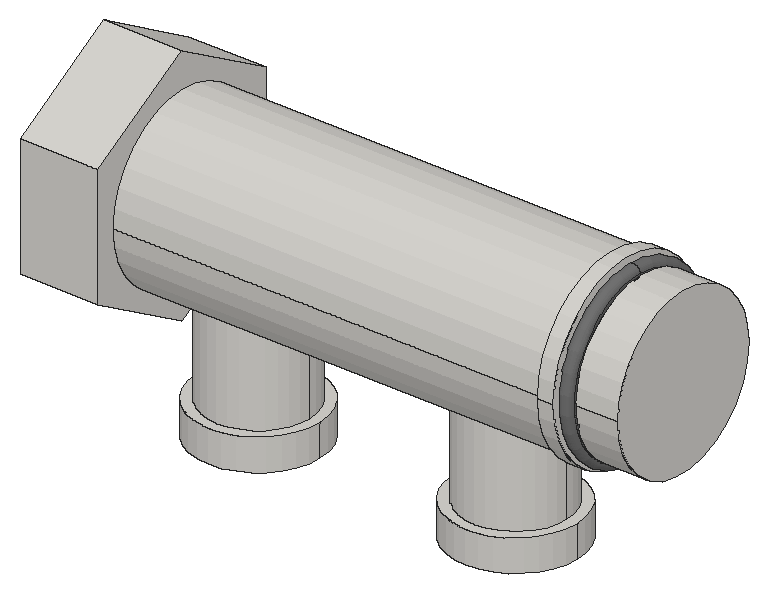
Revit family "1", category Pipe Accessories, Revit 2018
Family settings
  Round Connector Dimension = Use Diameter
  Part Type = Normal
  OmniClass Number = 23.65.00.00
  OmniClass Title = Supply and Distribution of Liquids and Gases
  Work Plane-Based = No
  Always vertical = No
  Cut with Voids When Loaded = No
  Shared = No
Parameters (values of type "1 1/4" x 24 x 19 - 2 ways - INT50")
  Youtube clip = ""
  Weight Net (Kg) = ""
  Uniformat II Description = "PLUMBING"  # constant formula
  Uniformat II Code = "D20"  # constant formula
  Uniclass 2015 Name = "Water distribution and supply systems"  # constant formula
  Uniclass 2015 Code = "Ss_55_70"  # constant formula
  Uniclass 2.0 Description = "Water Distribution And Supply Systems"  # constant formula
  Uniclass 2.0 Code = "SS-55-70"  # constant formula
  Uniclass 1.4 Description = "Piped supply systems"  # constant formula
  Uniclass 1.4 Code = "JS"  # constant formula
  UNSPSC Code = "401416"  # constant formula
  Technical description = ""
  Support Diameter = Body Diameter + 1.8 mm  # 35.6 mm
  URL = "www.pintossi.it"
  Region South America = "AR, BO, BR, CL, CO, EC, FK, GF, GY, PE, PY, SR, UY, VE"  # constant formula
  Region Oceania = "AS, AU, CK, FJ, FM, GU, KI, MH, MP, NC, NF, NR, NU, NZ, PF, PG, PN, PW, SB, TK, TL, TO, TV, UM, WF, WS, VU"  # constant formula
  Region North America = "AG, AI, AW, BB, BL, BM, BQ, BS, BZ, CA, CR, CU, CW, DM, DO, GD, GL, GP, GT, HN, HT, JM, KN, KY, LC, MF, MQ, MS, MX, NI, PA, PM, PR, SV, SX, TC, TT, US, VC, VG, VI"  # constant formula
  Region Middle East = "AE, AF, BH, EG, IL, IQ, IR, JO, KW, LB, OM, PS, QA, SA, SY, TR, YE"  # constant formula
  Region Europe = "AD, AL, AT, AX, BA, BE, BG, BY, CH, CY, CZ, DE, DK, EE, ES, FI, FO, FR, GB, GG, GI, GR, HR, HU, IE, IM, IS, IT, JE, LI, LT, LU, LV, MC, MD, ME, MK, MT, NL, NO, PL, PT, RO, RS, RU, SE, SI, SJ, SK, SM, UA, VA"  # constant formula
  Region Asia = "AM, AZ, BD, BN, BT, CC, CN, CX, GE, HK, ID, IN, IO, JP, KG, KH, KR, KZ, LA, LK, MM, MN, MO, MV, MY, NP, PH, PK, SG, TH, TJ, TM, TW, UZ, VN"  # constant formula
  Region Antarctica = "AQ, BV, GS, HM, TF"  # constant formula
  Region Africa = "AO, BF, BI, BJ, BW, CD, CF, CG, CI, CM, CV, DJ, DZ, EH, ER, ET, GA, GH, GM, GN, GQ, GW, KE, KM, LR, LS, LY, MA, MG, ML, MR, MU, MW, MZ, NA, NE, NG, RE, RW, SC, SD, SH, SL, SN, SO, SS, ST, SZ, TD, TG, TN, TZ, UG, YT, ZA, ZM, ZW"  # constant formula
  QR code = ""
  Product url = ""
  Product group = "Linear manifolds"  # constant formula
  Product family = "Manifolds"  # constant formula
  Product data url = "https://www.bimobject.com/pintossi/product/432-modular-distribution-manifold"
  Product certification = ""
  Product SKU = ""
  Product Guid = "f6650cd9-734c-47f2-a774-d370b08f87ed"  # constant formula
  PH: = "Between 7 and 8"  # constant formula
  Outlet Radius C = 24 mm
  Outlet Length From Main Axis E = 38 mm
  Outlet Length = 19 mm
  Outlet Axis Distance INT = 50 mm
  Outlet Axis Distance H = 32.5 mm
  Outlet Axis Distance F = 30 mm
  Outlet 4 = no
  Outlet 3 = no
  Outlet 2 = yes
  OmniClass Description = "Manifolds"  # constant formula
  OmniClass Code = "23-39 21 13 21"  # constant formula
  NBS Reference Description = "Water Distribution And Supply Systems"  # constant formula
  NBS Reference Code = "55-70"  # constant formula
  Model = "432"  # constant formula
  Maximum working temperature = 100 °C  # constant formula
  Maximum working pressure = 10.0 bar  # constant formula
  Maximum percentage of glycol [%] = 30  # constant formula
  Material secondary = ""
  Material main = "Brass"  # constant formula
  Masterformat 2014 Description = "Hydraulic Manifolds"  # constant formula
  Masterformat 2014 Code = "35 20 13.19"  # constant formula
  Manufacturer name = "Pintossi+c"  # constant formula
  Manufacturer country = ""
  Manufacturer = "Pintossi+c"  # constant formula
  Manifold Length I = 112.5 mm
  Main Inlet/Outlet Diameter = 31.8 mm
  Iron (FE): = "< 0,5 mg/kg (< 0,1 mg/kg for steam)"  # constant formula
  Installation instructions = ""
  Inlet/Outlet Diameter = 24 mm
  IFC Classification = "Distribution Flow Element"  # constant formula
  Hexagon Radius B = 31.8 mm
  Outlet Radius A = 31.8 mm
  Hexagon D = 47 mm
  Haxagon Radius = Hexagon D / 2  # 23.5 mm
  Gasket Material = Pintossi - Rubber - NBR
  Gasket Radius = Outlet Radius A / 2  # 15.9 mm
  Thin Body Diameter = Gasket Radius * 2 - 2.6 mm  # 29.2 mm
  Fluid aspect: = "Limpid"  # constant formula
  Edition number = 1
  EAN code = ""
  Design country = "Italy"  # constant formula
  Description = "Pintossi+C modular manifolds are the perfect solutions to be used on hydralulic and heating systems.\r\n\r\nThe sealing is guaranteed by PTM system (Pintossi soft sealing), which allow a quick and safe installation, without the use of additional sealing materials, like hemp or PTFE ribbon, which make possible a self-aligning connection.\r\n\r\nAvailable from 2 to 4 outlets."  # constant formula
  Date of publishing = ""
  Copper (CU): = "< 0,1 mg/kg (< 0,05 mg/kg for steam)"  # constant formula
  Connector Description 4 = if(not(Outlet 4), "Not available", "Inlet/Outlet")  # "Not available"
  Connector Description 3 = if(not(Outlet 3), "Not available", "Inlet/Outlet")  # "Not available"
  Conditioning: = "as indicated by the producer"  # constant formula
  COBIe Type Category = ""
  Brand url = "http://www.pintossi.it/"
  Body Material = Pintossi - Metal - Brass Nickeled CW617N
  Body Diameter = Outlet Radius A + 2 mm  # 33.8 mm
  BIMobject category = "Plumbing: Valves"  # constant formula
  Application fluids [instance] = "Water or glycol solutions"  # constant formula
  Antifreeze: = "Passiveted Propylene Glycol"  # constant formula
Types (8, lengths in mm): name | Support Diameter | Outlet Length From Main Axis E | Outlet Axis Distance INT | Outlet Axis Distance H | Outlet Axis Distance F | Outlet 4 | Outlet 3 | Manifold Length I | Main Inlet/Outlet Diameter | Hexagon Radius B | Outlet Radius A | Hexagon D | Haxagon Radius | Gasket Radius | Thin Body Diameter | Connector Description 4 | Connector Description 3 | Body Diameter
  3/4" x 24 x 19 - 2 ways - INT38 | 22.9 | 28 | 38 | 27 | 24 | no | no | 89 | 19.1 | 19.1 | 19.1 | 31 | 15.5 | 9.55 | 16.5 | "Not available" | "Not available" | 21.1
  3/4" x 24 x 19 - 3 ways - INT38 | 22.9 | 28 | 38 | 27 | 24 | no | yes | 127 | 19.1 | 19.1 | 19.1 | 31 | 15.5 | 9.55 | 16.5 | "Not available" | "Inlet/Outlet" | 21.1
  3/4" x 24 x 19 - 4 ways - INT38 | 22.9 | 28 | 38 | 27 | 24 | yes | yes | 165 | 19.1 | 19.1 | 19.1 | 31 | 15.5 | 9.55 | 16.5 | "Inlet/Outlet" | "Inlet/Outlet" | 21.1
  1" x 24 x19 - 2 ways - INT38 | 29.2 | 31 | 38 | 27 | 24 | no | no | 89 | 25.4 | 25.4 | 25.4 | 38 | 19 | 12.7 | 22.8 | "Not available" | "Not available" | 27.4
  1" x 24 x19 - 3 ways - INT38 | 29.2 | 31 | 38 | 27 | 24 | no | yes | 127 | 25.4 | 25.4 | 25.4 | 38 | 19 | 12.7 | 22.8 | "Not available" | "Inlet/Outlet" | 27.4
  1" x 24 x19 - 4 ways - INT38 | 29.2 | 31 | 38 | 27 | 24 | yes | yes | 165 | 25.4 | 25.4 | 25.4 | 38 | 19 | 12.7 | 22.8 | "Inlet/Outlet" | "Inlet/Outlet" | 27.4
  1 1/4" x 24 x 19 - 2 ways - INT50 | 35.6 | 38 | 50 | 32.5 | 30 | no | no | 112.5 | 31.8 | 31.8 | 31.8 | 47 | 23.5 | 15.9 | 29.2 | "Not available" | "Not available" | 33.8
  1 1/4" x 24 x 19 - 3 ways - INT50 | 35.6 | 38 | 50 | 32.5 | 30 | no | yes | 162.5 | 31.8 | 31.8 | 31.8 | 47 | 23.5 | 15.9 | 29.2 | "Not available" | "Inlet/Outlet" | 33.8
Reference planes
  plane 1 "Center (Front/Back)": y = 0
  plane 2: z = 0
  plane 3 "Center (Left/Right)": x = 0
  plane 4: z = -38
  plane 5: x = 0
  plane 6: y = 0
  plane 7: x = 0
  plane 8: y = 0
  plane 9: x = 50
  plane 10: y = 0
  plane 11: x = -30
  plane 12: x = 82.5
  plane 13: y = 0
  plane 14: z = 0
  plane 15: y = 0
  plane 16: z = 0
  plane 17: y = 0
  plane 18: z = 0
  plane 19: y = 0
  plane 20: z = 0
  plane 21: y = 0
  plane 22: z = 0
  plane 23: x = 100
  plane 24: y = 0
  plane 25: x = 150
  plane 26: y = 0
  plane 27: x = 114
  plane 28: y = 0
  plane 29: x = 76
  plane 30: y = 0
  plane 31: x = 71.5
  plane 32: x = 71.5
  plane 33: z = 15.9
  plane 34: y = 15.5
  plane 35: y = -15.5
  plane 36: z = 15.5
  plane 37: z = -15.5
Forms (mm)
  Extrusion 1, solid, material "Pintossi - Metal - Brass Nickeled CW617N" <- "Body Material", visible <- "Outlet 2", detail levels fine
    sketch origin (0, 0, -7) x (1, 0, 0) y (0, 1, 0)
      loop
        circle (0, 0) r 12
    from -31 to -24.787
  Extrusion 2, solid, material "Pintossi - Metal - Brass Nickeled CW617N" <- "Body Material", visible <- "Outlet 2", not visible, detail levels fine
    sketch origin (0, 0, 0) x (1, 0, 0) y (0, 1, 0)
      loop
        circle (0, 0) r 12
    from -31 to -24.787
  Extrusion 3, solid, material "Pintossi - Metal - Brass Nickeled CW617N" <- "Body Material", visible <- "Outlet 2", detail levels fine
    sketch origin (0, 0, -7) x (1, 0, 0) y (0, 1, 0)
      loop
        circle (0, 0) r 10
    from -24.787 to 0
  Extrusion 4, solid, material "Pintossi - Metal - Brass Nickeled CW617N" <- "Body Material", visible <- "Outlet 2", not visible, detail levels fine
    sketch origin (0, 0, 0) x (1, 0, 0) y (0, 1, 0)
      loop
        circle (0, 0) r 10
    from -24.787 to 0
  Extrusion 5, solid, material "Pintossi - Metal - Brass Nickeled CW617N" <- "Body Material", visible <- "Outlet 2", detail levels fine
    sketch origin (50, 0, -7) x (1, 0, 0) y (0, 1, 0)
      loop
        circle (0, 0) r 12
    from -31 to -24.787
  Extrusion 6, solid, material "Pintossi - Metal - Brass Nickeled CW617N" <- "Body Material", visible <- "Outlet 2", detail levels fine
    sketch origin (50, 0, -7) x (1, 0, 0) y (0, 1, 0)
      loop
        circle (0, 0) r 10
    from -24.787 to 0
  Extrusion 7, solid, material "Pintossi - Metal - Brass Nickeled CW617N" <- "Body Material", detail levels fine
    sketch origin (0, 0, 0) x (0, 1, 0) y (0, 0, 1)
      loop
        circle (0, 0) r 16.9
    from -14.866 to 68.46
  Extrusion 8, solid, material "Pintossi - Metal - Brass Nickeled CW617N" <- "Body Material", detail levels fine
    sketch origin (0, 0, 0) x (0, 1, 0) y (0, 0, 1)
      loop
        circle (0, 0) r 17.8
    from 68.46 to 71.5
  Extrusion 9, solid, material "Pintossi - Metal - Brass Nickeled CW617N" <- "Body Material", detail levels fine
    sketch origin (0, 0, 0) x (0, 1, 0) y (0, 0, 1)
      loop
        circle (0, 0) r 15.9
    from 74.5 to 82.5
  Revolve 10, solid, material "Pintossi - Rubber - NBR" <- "Gasket Material", detail levels fine
    sketch origin (0, 0, 0.362) x (1, 0, 0) y (0, 0, 1)
      loop
        circle (72.81, 15.538) r 1.31
      axis (71.5, -0.362) -> (74.12, -0.362)
    angle from 0 to 360
  Extrusion 11, solid, material "Pintossi - Metal - Brass Nickeled CW617N" <- "Body Material", visible <- "Outlet 3", detail levels fine
    sketch origin (100, 0, -7) x (1, 0, 0) y (0, 1, 0)
      loop
        circle (0, 0) r 12
    from -31 to -24.787
  Extrusion 12, solid, material "Pintossi - Metal - Brass Nickeled CW617N" <- "Body Material", visible <- "Outlet 3", detail levels fine
    sketch origin (100, 0, -7) x (1, 0, 0) y (0, 1, 0)
      loop
        circle (0, 0) r 10
    from -24.787 to 0
  Extrusion 13, solid, material "Pintossi - Metal - Brass Nickeled CW617N" <- "Body Material", visible <- "Outlet 4", detail levels fine
    sketch origin (150, 0, -7) x (1, 0, 0) y (0, 1, 0)
      loop
        circle (0, 0) r 12
    from -31 to -24.787
  Extrusion 14, solid, material "Pintossi - Metal - Brass Nickeled CW617N" <- "Body Material", visible <- "Outlet 4", detail levels fine
    sketch origin (150, 0, -7) x (1, 0, 0) y (0, 1, 0)
      loop
        circle (0, 0) r 10
    from -24.787 to 0
  Extrusion 15, solid, material "Pintossi - Metal - Brass Nickeled CW617N" <- "Body Material", visible <- "Outlet 4", not visible, detail levels fine
    sketch origin (114, 0, 0) x (1, 0, 0) y (0, 1, 0)
      loop
        circle (0, 0) r 12
    from -31 to -24.787
  Extrusion 16, solid, material "Pintossi - Metal - Brass Nickeled CW617N" <- "Body Material", visible <- "Outlet 4", not visible, detail levels fine
    sketch origin (114, 0, 0) x (1, 0, 0) y (0, 1, 0)
      loop
        circle (0, 0) r 10
    from -24.787 to 0
  Extrusion 17, solid, material "Pintossi - Metal - Brass Nickeled CW617N" <- "Body Material", visible <- "Outlet 3", not visible, detail levels fine
    sketch origin (76, 0, 0) x (1, 0, 0) y (0, 1, 0)
      loop
        circle (0, 0) r 12
    from -31 to -24.787
  Extrusion 18, solid, material "Pintossi - Metal - Brass Nickeled CW617N" <- "Body Material", visible <- "Outlet 3", not visible, detail levels fine
    sketch origin (76, 0, 0) x (1, 0, 0) y (0, 1, 0)
      loop
        circle (0, 0) r 10
    from -24.787 to 0
  Extrusion 19, void
    sketch origin (0, 0, 0) x (0, 1, 0) y (0, 0, 1)
      loop
        circle (0, 0) r 15.9
    from -49.464 to -17.039
  Extrusion 20, solid, material "Pintossi - Metal - Brass Nickeled CW617N" <- "Body Material", detail levels fine
    sketch origin (0, 0, 0) x (0, 1, 0) y (0, 0, 1)
      loop
        line (0, 23.5) -> (-20.352, 11.75) -> (-20.352, -11.75) -> (0, -23.5) -> (20.352, -11.75) -> (20.352, 11.75) -> (0, 23.5)
    from -30 to -14.866
  Extrusion 21, solid, material "Pintossi - Metal - Brass Nickeled CW617N" <- "Body Material", detail levels fine
    sketch origin (0, 0, 0) x (0, 1, 0) y (0, 0, 1)
      loop
        circle (0, 0) r 14.6
    from 71.5 to 74.5
Cuts and joins
  Extrusion 19 cuts Extrusion 7
  Extrusion 19 cuts Extrusion 8
  Extrusion 19 cuts Extrusion 9
  Extrusion 19 cuts Extrusion 20
Lines and regions (mm)
  model lines, detail levels coarse+medium
    curve 1: line (-30, 0, 0) -> (82.5, 0, 0)
    curve 2: line (0, 0, 0) -> (0, 0, -38)
  model lines
    curve 3: line (50, 0, 0) -> (50, 0, -38)
  model lines, visible <- "Outlet 3", detail levels coarse+medium
    curve 4: line (100, 0, 0) -> (100, 0, -38)
  model lines, visible <- "Outlet 4", detail levels coarse+medium
    curve 5: line (150, 0, 0) -> (150, 0, -38)
  symbolic lines
    curve 6: line (-30, 0, 0) -> (82.5, 0, 0)
  symbolic lines, visible <- "Outlet 2"
    curve 7: line (0, 0, 0) -> (0, -16.852, 0)
    curve 9: line (50, 0, 0) -> (50, -16.852, 0)
  symbolic lines, visible <- "Outlet 2", not visible
    curve 8: line (0, 0, 7) -> (0, -16.852, 7)
  symbolic lines, visible <- "Outlet 3"
    curve 10: line (100, 0, 0) -> (100, -16.852, 0)
  symbolic lines, visible <- "Outlet 3", not visible
    curve 11: line (76, 0, 7) -> (76, -16.852, 7)
  symbolic lines, visible <- "Outlet 4"
    curve 12: line (150, 0, 0) -> (150, -16.852, 0)
  symbolic lines, visible <- "Outlet 4", not visible
    curve 13: line (114, 0, 7) -> (114, -16.852, 7)
Dimensions and locks
  locked: Extrusion 1 to plane 4 at 6.213
  group 1 to group 3 = 50 mm
  group 1 to group 3 = 0 mm  (x2)
  "Outlet Axis Distance INT": plane 9 to plane 3 "Center (Left/Right)"
  locked: Extrusion 8 to Extrusion 9 at 6.04
  locked: Extrusion 8 to Extrusion 8 at 3.04
  "Manifold Length I": plane 12 to plane 11
  "Outlet Axis Distance F": plane 3 "Center (Left/Right)" to plane 11
  plane 12 to plane 9 = 32.5 mm
  locked: Extrusion 9 to Extrusion 9 at 8
  "Outlet Axis Distance INT": plane 23 to plane 9
  "Outlet Axis Distance INT": plane 25 to plane 23
  locked: plane 32 to plane 12 at 11
  "Outlet Length From Main Axis E": level to plane 4
  "Gasket Radius": plane 33 to level
  locked: Extrusion 20 to plane 11 at 15.134
  locked: Extrusion 20 to Extrusion 19 at 2.173
  "Haxagon Radius": Extrusion 20 sketch curve to Extrusion 20 sketch curve  (x4)
  Extrusion 20 sketch curve to Extrusion 20 sketch curve = 23.5 mm  (x2)
  "Haxagon Radius": Extrusion 20 sketch curve to level
  "Outlet Radius A": diameter of Extrusion 9 sketch curve
  "Hexagon Radius B": diameter of Extrusion 19 sketch curve
  "Body Diameter": diameter of Extrusion 7 sketch curve
  "Support Diameter": diameter of Extrusion 8 sketch curve
  "Thin Body Diameter": diameter of Extrusion 21 sketch curve
  locked: Extrusion 20 sketch curve to Extrusion 20 sketch curve (angle 120.00°)  (x5)
  angle Extrusion 20 sketch curve to Extrusion 20 sketch curve = 120.00°
  aligned and locked: level to plane 2
  aligned and locked: Extrusion 1 to plane 4
  aligned and locked: plane 3 "Center (Left/Right)" to plane 5
  aligned and locked: plane 6 to plane 1 "Center (Front/Back)"
  aligned and locked: Extrusion 3 to Extrusion 1
  aligned and locked: Extrusion 6 to Extrusion 5
  aligned and locked: plane 10 to plane 1 "Center (Front/Back)"
  aligned and locked: plane 13 to plane 10
  aligned and locked: level to plane 14
  aligned and locked: plane 15 to plane 10
  aligned and locked: level to plane 16
  aligned and locked: plane 17 to plane 10
  aligned and locked: level to plane 18
  aligned and locked: plane 19 to plane 10
  aligned and locked: level to plane 20
  aligned and locked: plane 21 to plane 10
  aligned and locked: level to plane 22
  aligned and locked: Extrusion 12 to Extrusion 11
  aligned and locked: Extrusion 14 to Extrusion 13
  aligned and locked: plane 12 to Extrusion 9
  aligned and locked: plane 32 to plane 31
  aligned and locked: plane 4 to Extrusion 1
  aligned and locked: Extrusion 5 to plane 4
  aligned and locked: Extrusion 11 to plane 4
  aligned and locked: Extrusion 13 to plane 4
  aligned and locked: Extrusion 20 to plane 11
  aligned and locked: cut or joined group of Extrusion 7, Extrusion 19 to Extrusion 20
  aligned and locked: cut or joined group of Extrusion 8, Extrusion 19 to cut or joined group of Extrusion 7, Extrusion 19
  aligned and locked: plane 32 to Extrusion 21
  aligned and locked: Extrusion 21 to cut or joined group of Extrusion 9, Extrusion 19
  aligned and locked: plane 11 to curve 1
  aligned and locked: plane 12 to curve 1
  aligned and locked: curve 2 to plane 3 "Center (Left/Right)"
  aligned and locked: plane 4 to curve 2
  aligned and locked: curve 3 to plane 9
  aligned and locked: plane 4 to curve 3
  aligned and locked: curve 4 to plane 23
  aligned and locked: plane 4 to curve 4
  aligned and locked: curve 5 to plane 25
  aligned and locked: plane 4 to curve 5
  aligned and locked: plane 12 to curve 6
  aligned and locked: plane 11 to curve 6
Automatic sketch dimensions
  Extrusion 3 sketch curve to plane 5 = 0 mm
  Extrusion 3 sketch curve to plane 6 = 0 mm
  Extrusion 6 sketch curve to plane 9 = 0 mm
  Extrusion 6 sketch curve to plane 10 = 0 mm
  Extrusion 12 sketch curve to plane 23 = 0 mm
  Extrusion 12 sketch curve to plane 24 = 0 mm
  Extrusion 14 sketch curve to plane 25 = 0 mm
  Extrusion 14 sketch curve to plane 26 = 0 mm
  Extrusion 13 sketch curve to plane 25 = 0 mm
  Extrusion 13 sketch curve to plane 26 = 0 mm
  Extrusion 16 sketch curve to plane 27 = 0 mm
  Extrusion 16 sketch curve to plane 28 = 0 mm
  Extrusion 15 sketch curve to plane 27 = 0 mm
  Extrusion 15 sketch curve to plane 28 = 0 mm
  Extrusion 11 sketch curve to plane 23 = 0 mm
  Extrusion 11 sketch curve to plane 24 = 0 mm
  Extrusion 18 sketch curve to plane 29 = 0 mm
  Extrusion 18 sketch curve to plane 30 = 0 mm
  Extrusion 17 sketch curve to plane 29 = 0 mm
  Extrusion 17 sketch curve to plane 30 = 0 mm
  curve 5 to level = 0 mm
  plane 1 "Center (Front/Back)" to curve 6 = 0 mm
  curve 7 to plane 5 = 0 mm
  curve 7 to plane 6 = 0 mm
  curve 7 to plane 6 = 16.852 mm
  curve 8 to plane 7 = 0 mm
  curve 8 to plane 8 = 0 mm
  curve 8 to plane 8 = 16.852 mm
  curve 9 to plane 9 = 0 mm
  curve 9 to plane 10 = 0 mm
  curve 9 to plane 10 = 16.852 mm
  curve 10 to plane 23 = 0 mm
  curve 10 to plane 24 = 0 mm
  curve 10 to plane 24 = 16.852 mm
  curve 11 to plane 29 = 0 mm
  curve 11 to plane 30 = 0 mm
  curve 11 to plane 30 = 16.852 mm
  curve 12 to plane 25 = 0 mm
  curve 12 to plane 26 = 0 mm
  curve 12 to plane 26 = 16.852 mm
  curve 13 to plane 27 = 0 mm
  curve 13 to plane 28 = 0 mm
  curve 13 to plane 28 = 16.852 mm
  Extrusion 7 sketch curve to level = 0 mm
  Extrusion 7 sketch curve to plane 1 "Center (Front/Back)" = 0 mm
  Extrusion 8 sketch curve to level = 0 mm
  Extrusion 8 sketch curve to plane 1 "Center (Front/Back)" = 0 mm
  Extrusion 9 sketch curve to level = 0 mm
  Extrusion 9 sketch curve to plane 1 "Center (Front/Back)" = 0 mm
  Revolve 10 sketch curve to level = 0 mm
  Revolve 10 sketch curve to plane 33 = 0 mm
  Revolve 10 sketch curve to plane 31 = 1.31 mm
  Revolve 10 sketch curve to plane 11 = 1327.99 mm
  plane 25 to Revolve 10 sketch curve = 1227.483 mm
  Extrusion 19 sketch curve to level = 0 mm
  Extrusion 19 sketch curve to plane 1 "Center (Front/Back)" = 0 mm
  Extrusion 20 sketch curve to plane 1 "Center (Front/Back)" = 0 mm
  Extrusion 21 sketch curve to level = 0 mm
  Extrusion 21 sketch curve to plane 1 "Center (Front/Back)" = 0 mm
  radius of Extrusion 1 sketch curve = 12 mm
  radius of Extrusion 2 sketch curve = 12 mm
  radius of Extrusion 3 sketch curve = 10 mm
  radius of Extrusion 5 sketch curve = 12 mm
  radius of Extrusion 6 sketch curve = 10 mm
  radius of Extrusion 11 sketch curve = 12 mm
  radius of Extrusion 12 sketch curve = 10 mm
  radius of Extrusion 13 sketch curve = 12 mm
  radius of Extrusion 14 sketch curve = 10 mm
  radius of Extrusion 15 sketch curve = 12 mm
  radius of Extrusion 16 sketch curve = 10 mm
  radius of Extrusion 17 sketch curve = 12 mm
  radius of Extrusion 18 sketch curve = 10 mm
  radius of Revolve 10 sketch curve = 1.31 mm
Connectors
  piping at (82.5, 0, 0), diameter 31.8, driven by "Main Inlet/Outlet Diameter"
    settings: on cut or joined group of Extrusion 9, Extrusion 19, index 2, connector inside diameter 609.6 mm, connector length 0 mm, flow factor 0, pipe flow 0.0 L/s, pressure drop 0.0 bar, fitting loss kfactor 0, connector angle 0.00°, fixture units 0, engagement length 0 mm, angle of deflection 0.00°, flow configuration 0, flow direction 0, fitting loss method 0, system type 29, joint type 0, gender type 0, connector reference index -1, connector utility 0, adjustable connector no, is connector primary yes, connector description "Main IN/OUT"
  piping at (0, 0, -38), diameter 24, driven by "Inlet/Outlet Diameter"
    settings: on Extrusion 1, index 3, connector inside diameter 609.6 mm, connector length 0 mm, flow factor 0, pipe flow 0.0 L/s, pressure drop 0.0 bar, fitting loss kfactor 0, connector angle 0.00°, fixture units 0, engagement length 0 mm, angle of deflection 0.00°, flow configuration 0, flow direction 0, fitting loss method 0, system type 29, joint type 0, gender type 0, connector reference index -1, connector utility 0, adjustable connector no, is connector primary no, connector description "Not available"
  piping at (50, 0, -38), diameter 24, driven by "Inlet/Outlet Diameter"
    settings: on Extrusion 5, index 4, connector inside diameter 609.6 mm, connector length 0 mm, flow factor 0, pipe flow 0.0 L/s, pressure drop 0.0 bar, fitting loss kfactor 0, connector angle 0.00°, fixture units 0, engagement length 0 mm, angle of deflection 0.00°, flow configuration 0, flow direction 0, fitting loss method 0, system type 29, joint type 0, gender type 0, connector reference index -1, connector utility 0, adjustable connector no, is connector primary no, connector description "Inlet/Outlet"
  piping at (100, 0, -38), diameter 24, driven by "Inlet/Outlet Diameter", driven by "Connector Description 3"
    settings: on Extrusion 11, index 5, connector inside diameter 609.6 mm, connector length 0 mm, flow factor 0, pipe flow 0.0 L/s, pressure drop 0.0 bar, fitting loss kfactor 0, connector angle 0.00°, fixture units 0, engagement length 0 mm, angle of deflection 0.00°, flow configuration 0, flow direction 0, fitting loss method 0, system type 29, joint type 0, gender type 0, connector reference index -1, connector utility 0, adjustable connector no, is connector primary no, connector description "Not available"
  piping at (150, 0, -38), diameter 24, driven by "Inlet/Outlet Diameter", driven by "Connector Description 4"
    settings: on Extrusion 13, index 6, connector inside diameter 609.6 mm, connector length 0 mm, flow factor 0, pipe flow 0.0 L/s, pressure drop 0.0 bar, fitting loss kfactor 0, connector angle 0.00°, fixture units 0, engagement length 0 mm, angle of deflection 0.00°, flow configuration 0, flow direction 0, fitting loss method 0, system type 29, joint type 0, gender type 0, connector reference index -1, connector utility 0, adjustable connector no, is connector primary no, connector description "Not available"
  piping at (-17.039, 0, 0), diameter 31.8, driven by "Main Inlet/Outlet Diameter"
    settings: on cut or joined group of Extrusion 19, Extrusion 20, index 7, connector inside diameter 609.6 mm, connector length 0 mm, flow factor 0, pipe flow 0.0 L/s, pressure drop 0.0 bar, fitting loss kfactor 0, connector angle 0.00°, fixture units 0, engagement length 0 mm, angle of deflection 0.00°, flow configuration 0, flow direction 0, fitting loss method 0, system type 29, joint type 0, gender type 0, connector reference index -1, connector utility 0, adjustable connector no, is connector primary no, connector description "Main IN/OUT"
